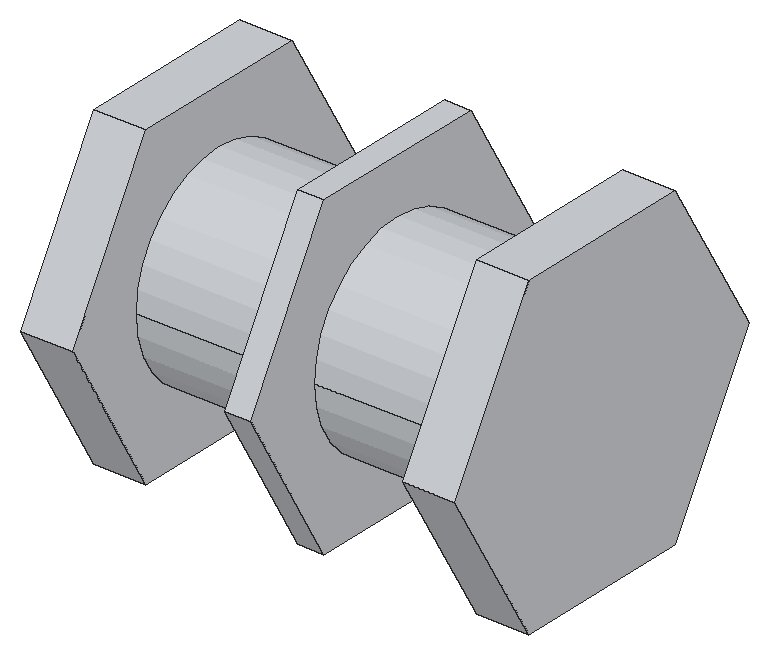
Revit family "M_Conexão de conduíte - Compressão - Zinco fundido", category Conexões do conduite, Revit 2019
Family settings
  Cota do conector redondo = Usar raio
  Tipo de parte = União
  Número OmniClass = 23.80.30.17.11
  Título OmniClass = Conduits
  ID de item do Seek = Conduit Coupling - Compression - Die Cast Zinc-0000-CAN-ENU
  Com base no plano de trabalho = Não
  Sempre na vertical = Sim
  Corte com vazios quando carregada = Não
  Compartilhado = Não
Parameters (values of type "Padrão")
  Espessura da porca 2 [instance] = Raio externo da conexão / 2  # 4.564 mm
  Espessura da porca 1 [instance] = Raio externo da conexão / 4  # 2.282 mm
  Tamanho plano da porca [instance] = size_lookup(Pesquisa de tamanho de conduite, "NFS", 1.16 * Diâmetro nominal + 8.632 mm, Diâmetro nominal)  # 27.781 mm
  Raio nominal [instance] = 8 mm
  Diâmetro nominal [instance] = Raio nominal * 2  # 16 mm
  Comprimento 6 [instance] = Comprimento / 3  # 12.7 mm
  Comprimento 5 [instance] = 0.1 * Comprimento  # 3.81 mm
  Comprimento 4 [instance] = Comprimento 2 * cos(30.00°)  # 13.891 mm
  Comprimento 3 [instance] = Comprimento 2 * sin(30.00°)  # 8.02 mm
  Comprimento 2 [instance] = Tamanho plano da porca / (2 * cos(30.00°))  # 16.04 mm
  Raio externo da conexão [instance] = Diâmetro externo da conexão / 2  # 9.128 mm
  Diâmetro externo da conexão [instance] = size_lookup(Pesquisa de tamanho de conduite, "FOD", 1.11 * Diâmetro nominal + 2.58 mm, Diâmetro nominal)  # 18.256 mm
  Comprimento [instance] = size_lookup(Pesquisa de tamanho de conduite, "Lgt", 1.52 * Diâmetro nominal + 47.823 mm, Diâmetro nominal)  # 38.1 mm
  Pesquisa de tamanho de conduite = "M_Conduit Coupling - Compression - Die Cast Zinc"
Reference planes
  plane 1 "Centro (Frente/Trás)": y = 0
  plane 2: z = 0
  plane 3 "Centro (Esquerda/Direita)": x = 0
  plane 4: x = 4.564
  plane 5: x = 38.1
  plane 6: x = 33.536
  plane 7: y = 8.02
  plane 8: z = 13.891
  plane 9: z = -13.891
  plane 10: y = -8.02
  plane 11: y = 16.04
  plane 12: y = -16.04
  plane 13: x = 19.05
  plane 14: x = 20.191
  plane 15: x = 17.909
Forms (mm)
  Extrusion 1, solid, detail levels fine
    sketch origin (20.836, 25.891, 1219.2) x (0, 1, 0) y (0, 0, 1)
      loop
        line (-17.872, -1205.309) -> (-33.911, -1205.309) -> (-41.931, -1219.2) -> (-33.911, -1233.091) -> (-17.872, -1233.091) -> (-9.852, -1219.2) -> (-17.872, -1205.309)
    from -20.836 to -16.272
  Extrusion 2, solid, detail levels fine
    sketch origin (20.836, 25.891, 1219.2) x (0, 1, 0) y (0, 0, 1)
      loop
        line (-17.872, -1205.309) -> (-33.911, -1205.309) -> (-41.931, -1219.2) -> (-33.911, -1233.091) -> (-17.872, -1233.091) -> (-9.852, -1219.2) -> (-17.872, -1205.309)
    from 12.7 to 17.264
  Extrusion 3, solid, detail levels fine
    sketch origin (20.836, 25.891, 1219.2) x (0, 1, 0) y (0, 0, 1)
      loop
        circle (-25.891, -1219.2) r 9.128
    from -16.272 to 12.7
  Extrusion 4, solid, detail levels fine
    sketch origin (20.836, 25.891, 1219.2) x (0, 1, 0) y (0, 0, 1)
      loop
        circle (-25.891, -1219.2) r 3.175
    from -20.836 to 17.264
  Extrusion 5, solid, detail levels fine
    sketch origin (20.836, 25.891, 1219.2) x (0, 1, 0) y (0, 0, 1)
      loop
        line (-17.872, -1205.309) -> (-33.911, -1205.309) -> (-41.931, -1219.2) -> (-33.911, -1233.091) -> (-17.872, -1233.091) -> (-9.852, -1219.2) -> (-17.872, -1205.309)
    from -2.927 to -0.645
Cuts and joins
  joined: Extrusion 1, Extrusion 2, Extrusion 3, Extrusion 4, Extrusion 5
Lines and regions (mm)
  model lines, detail levels coarse+medium
    curve 1: line (0, 0, 0) -> (38.1, 0, 0)
Dimensions and locks
  "Espessura da porca 2": plane 3 "Centro (Esquerda/Direita)" to plane 4
  "Comprimento": plane 3 "Centro (Esquerda/Direita)" to plane 5
  "Espessura da porca 2": plane 6 to plane 5
  "Comprimento 4": plane 8 to plane 2
  equal spacing: plane 9, plane 2, plane 8
  "Comprimento 3": plane 7 to plane 1 "Centro (Frente/Trás)"
  equal spacing: plane 7, plane 1 "Centro (Frente/Trás)", plane 10
  "Comprimento 2": plane 11 to plane 1 "Centro (Frente/Trás)"
  equal spacing: plane 11, plane 1 "Centro (Frente/Trás)", plane 12
  "Comprimento 2": plane 1 "Centro (Frente/Trás)" to Extrusion 1 sketch curve  (x2)
  "Comprimento 2": plane 1 "Centro (Frente/Trás)" to Extrusion 2 sketch curve  (x2)
  equal spacing: plane 3 "Centro (Esquerda/Direita)", plane 13, plane 5
  equal spacing: plane 15, plane 13, plane 14
  "Espessura da porca 1": plane 15 to plane 14
  "Comprimento 2": plane 1 "Centro (Frente/Trás)" to Extrusion 5 sketch curve  (x4)
  "Raio externo da conexão": radius of Extrusion 3 sketch curve
  radius of Extrusion 4 sketch curve = 3.175 mm
  aligned and locked: plane 10 to Extrusion 1 sketch curve  (x3)
  aligned and locked: Extrusion 1 sketch curve to plane 8
  aligned and locked: plane 8 to Extrusion 1 sketch curve
  aligned and locked: plane 2 to Extrusion 1 sketch curve  (x2)
  aligned and locked: plane 12 to Extrusion 1 sketch curve
  aligned and locked: plane 7 to Extrusion 1 sketch curve
  aligned and locked: plane 9 to Extrusion 1 sketch curve
  aligned and locked: plane 11 to Extrusion 1 sketch curve
  aligned and locked: Extrusion 1 to plane 3 "Centro (Esquerda/Direita)"
  aligned and locked: plane 4 to Extrusion 1
  aligned and locked: plane 10 to Extrusion 2 sketch curve  (x2)
  aligned and locked: plane 8 to Extrusion 2 sketch curve  (x2)
  aligned and locked: plane 12 to Extrusion 2 sketch curve
  aligned and locked: plane 2 to Extrusion 2 sketch curve  (x2)
  aligned and locked: plane 9 to Extrusion 2 sketch curve
  aligned and locked: plane 7 to Extrusion 2 sketch curve  (x2)
  aligned and locked: Extrusion 2 to plane 6
  aligned and locked: plane 5 to Extrusion 2
  aligned and locked: plane 1 "Centro (Frente/Trás)" to Extrusion 3 sketch curve
  aligned and locked: plane 2 to Extrusion 3 sketch curve
  aligned and locked: Extrusion 3 to plane 4
  aligned and locked: plane 6 to Extrusion 3
  aligned and locked: plane 1 "Centro (Frente/Trás)" to Extrusion 4 sketch curve
  aligned and locked: plane 2 to Extrusion 4 sketch curve
  aligned and locked: Extrusion 4 to plane 3 "Centro (Esquerda/Direita)"
  aligned and locked: plane 5 to Extrusion 4
  aligned and locked: plane 3 "Centro (Esquerda/Direita)" to curve 1
  aligned and locked: plane 5 to curve 1
  aligned and locked: plane 1 "Centro (Frente/Trás)" to curve 1
  aligned and locked: Extrusion 5 sketch curve to plane 8
  aligned and locked: plane 10 to Extrusion 5 sketch curve  (x2)
  aligned and locked: plane 12 to Extrusion 5 sketch curve
  aligned and locked: plane 9 to Extrusion 5 sketch curve  (x2)
  aligned and locked: plane 2 to Extrusion 5 sketch curve  (x2)
  aligned and locked: plane 15 to Extrusion 5
  aligned and locked: plane 14 to Extrusion 5
Connectors
  cabletrayconduit at (0, 0, 0), diameter 16, driven by "Raio nominal"
    settings: on Extrusion 4, index 1, connector width 304.8 mm, connector height 304.8 mm, connector angle 0.00°, system type 32, placement type 0, profile type 0, connector reference index 2, is primary connector yes, connector utility param no, connector description ""
  cabletrayconduit at (38.1, 0, 0), diameter 16, driven by "Raio nominal"
    settings: on Extrusion 4, index 2, connector width 304.8 mm, connector height 304.8 mm, connector angle 0.00°, system type 32, placement type 0, profile type 0, connector reference index 1, is primary connector no, connector utility param no, connector description ""
